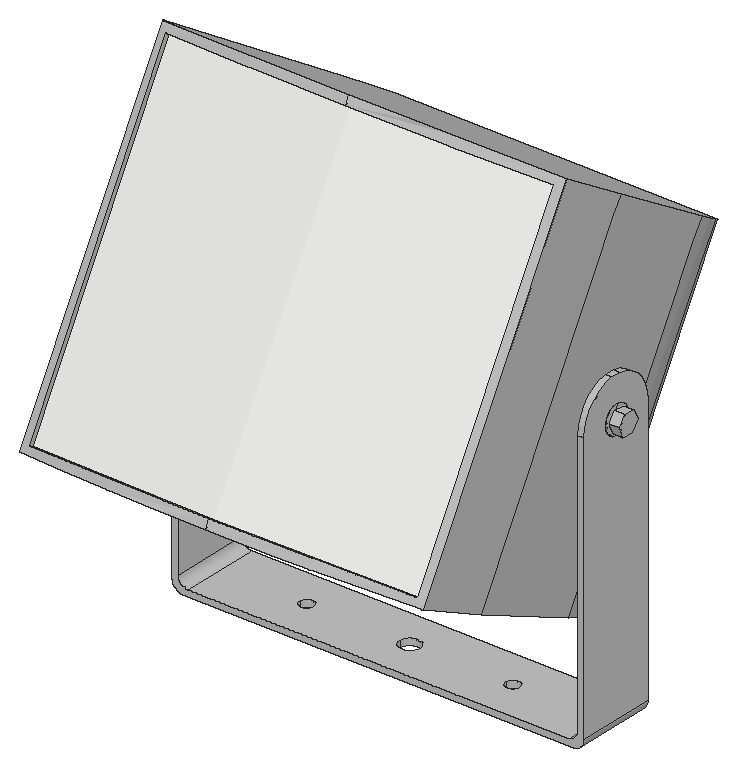
Revit family "Electronics_Community-Point-Source_Biamp_Loudspeaker_R_15COAX", category Communication Devices, host Face, Revit 2020
Family settings
  Host = Face
  Maintain Annotation Orientation = No
  Round Connector Dimension = Use Diameter
  Part Type = Normal
  OmniClass Number = 23.85.10.11.14.14.14
  OmniClass Title = Loudspeakers
  Cut with Voids When Loaded = No
  Shared = No
  Room Calculation Point = No
Parameters (values of type "R_15COAX G")
  Yoke Material = Biamp - Metal - Gray
  Width = 10.15748"  # constant formula
  Weight = 16.9756 lbf  # constant formula
  URL = "https://www.biamp.com/"
  Transducers = "LF   1 x 6.5 (165mm) Carbon ring hydrophobic cone, 2 (51mm) VC HF  1 x 1.25 (32mm) exit, polymer diaphragm compression driver"  # constant formula
  Rotate angle [instance] = 30.00°
  Required Accessories = "High Pass Filter - 90 Hz, 24 dB /octave, Digital Signal Processor"  # constant formula
  Recommended Amplifers = "150W - 300W @ 8 Ohms,  (35V - 49V)"  # constant formula
  Product data url = "https://www.bimobject.com/biamp/product/r-15coax_community-point-source"
  Product Page URL = "https://www.biamp.com/products/product-families/community/point-source#r-15coax"
  Product Documentation Link = "https://downloads.biamp.com/assets/docs/default-source/data-sheets/biamp_data_sheet_community_r-15coax_oct21.pdf"
  Operating Range = "90 Hz to 16 kHz"  # constant formula
  Operating Mode = "Passive, Selectable Low Impedance or 70V/100V"  # constant formula
  Operating Environment = "Indoor or Weather-Resistant Outdoor"  # constant formula
  Nominal Sensitivity = "MUSIC - 1W - 94dB; 2.83V - 94dB. VOICE - 1W - 95dB; 2.83V - 95dB"  # constant formula
  Nominal Maximum SPL (Whole Space) = "MUSIC - Peak - 122dB; Continuous - 116dB. VOICE - Peak - 123dB; Continuous - 117dB"  # constant formula
  Nom Angle [instance] = if(or(Rotate angle < (-20.00°), Rotate angle = (-20.00°)), -20.00°, if(and(Rotate angle > -20.00°, Rotate angle < 200.00°), Rotate angle, if(or(Rotate angle > 200.00°, Rotate angle = 200.00°), 200.00°, 0.00°)))  # 30.00°
  Mounting Points = "Two (2) M8 rigging points"  # constant formula
  Model = "R_15COAX G"
  Manufacturer = "Biamp"  # constant formula
  Input Connection = "NL4 Speakon-type connector and 2-position terminal strip for low impedance or constant voltage operation"  # constant formula
  Included Accessories = "Zinc-rich epoxy dual-layer powder-coated yoke, included integral safety cable mounting point"  # constant formula
  Housing Material = Biamp - Plastic - Gray
  Height = 9.01575"  # constant formula
  Grill Material = Biamp - Plastic - Gray(Grid)
  Finish = "Refer to the Technical Drawing (page 3)"  # constant formula
  Equalized Sensitivity = "MUSIC - 1W - 94dB; 2.83V - 94dB"  # constant formula
  Equalized Maximum SPL = "MUSIC - Peak - 122dB; Continuous - 116dB"  # constant formula
  Environmental = "IP55W per IEC 529, designed to MIL-STD-810G Color-matched ABS plastic input panel weather cover with 13.5mm ID gland nut installed in .82 knockout"  # constant formula
  Description = "R.15COAX Two-Way 6.5-Inch Coaxial Weather-Resistant Loudspeaker"  # constant formula
  Depth = 10.19685"  # constant formula
  Default Elevation = 48.00"
  Controls = "NL4 Speakon-type connector and 2-position terminal strip for low impedance or constant voltage operation"  # constant formula
  Connector Description = "NL4, 2-position terminal strip; Low Impedance 8 ohm, 70V/100V operation"  # constant formula
Types (2): name | Yoke Material | Model | Housing Material | Grill Material
  R_15COAX B | Biamp - Metal - Black | "R_15COAX B" | Biamp - Plastic - Black | Biamp - Plastic - Black(Grid)
  R_15COAX G | Biamp - Metal - Gray | "R_15COAX G" | Biamp - Plastic - Gray | Biamp - Plastic - Gray(Grid)
Reference planes (in)
  plane 1 "Center (Front/Back)": y = 0
  plane 2: z = 0
  plane 3 "Center (Left/Right)": x = 0
  plane 4: z = 7.07874
Forms (in)
  Extrusion 1, solid, material "Biamp - Metal - Gray" <- "Yoke Material", detail levels medium+fine
    sketch origin (0, 0, 0) x (1, 0, 0) y (0, 0, 1)
      loop
        line (-5.19035, 8.07087) -> (-5.19035, 0.26609)
        arc (-5.19035, 0.26609) -> (-5.11242, 0.07794) -> (-4.92426, 0) r 0.26609
        line (-4.92426, 0) -> (4.92426, 0)
        arc (4.92426, 0) -> (5.11242, 0.07794) -> (5.19035, 0.26609) r 0.26609
        line (5.19035, 0.26609) -> (5.19035, 8.07087) -> (5.03287, 8.07087) -> (5.03287, 0.39732)
        arc (5.03287, 0.39732) -> (4.96263, 0.22773) -> (4.79303, 0.15748) r 0.23984
        line (4.79303, 0.15748) -> (-4.79303, 0.15748)
        arc (-4.79303, 0.15748) -> (-4.96263, 0.22773) -> (-5.03287, 0.39732) r 0.23984
        line (-5.03287, 0.39732) -> (-5.03287, 8.07087) -> (-5.19035, 8.07087)
    from -1 to 1
  Extrusion 2, solid, material "Biamp - Metal - Gray" <- "Yoke Material", detail levels coarse
    sketch origin (0, 0, 0) x (1, 0, 0) y (0, 0, 1)
      loop
        line (-5.19035, 8.07087) -> (-5.19035, 0) -> (5.19035, 0) -> (5.19035, 8.07087) -> (5.03287, 8.07087) -> (5.03287, 0.15748) -> (-5.03287, 0.15748) -> (-5.03287, 8.07087) -> (-5.19035, 8.07087)
    from -1 to 1
  Extrusion 3, void
    sketch origin (0, 0, 0) x (1, 0, 0) y (0, 1, 0)
      loop
        circle (0, 0) r 0.25591
      loop
        circle (2.59843, 0) r 0.17717
      loop
        circle (-2.59843, 0) r 0.17717
    from 0 to 0.15748
  Extrusion 4, void
    sketch origin (0, 0, 0) x (0, 1, 0) y (0, 0, 1)
      loop
        line (1, 7.07874) -> (1, 8.45669) -> (-1, 8.45669) -> (-1, 7.07874)
        arc (-1, 7.07874) -> (0, 8.07874) -> (1, 7.07874) r 1
    from -7.0531 to 9.84252
  Extrusion 5, void
    sketch origin (0, 0, 0) x (0, 1, 0) y (0, 0, 1)
      loop
        circle (0, 7.07874) r 0.25591
    from -5.19035 to 5.19035
  Revolve 6, solid, material "Biamp - Metal - Gray" <- "Yoke Material", detail levels medium+fine
    sketch origin (0, 0, 0) x (1, 0, 0) y (0, 0, 1)
      loop
        line (-5.19035, 7.31533) -> (-5.19035, 7.43047) -> (-5.22586, 7.43047) -> (-5.22586, 7.07874) -> (-4.68062, 7.07874) -> (-4.68062, 7.31533) -> (-5.19035, 7.31533)
      loop
        line (5.19035, 7.31533) -> (4.68062, 7.31533) -> (4.68062, 7.07874) -> (5.22586, 7.07874) -> (5.22586, 7.43047) -> (5.19035, 7.43047) -> (5.19035, 7.31533)
      axis (-5.22586, 7.07874) -> (5.22586, 7.07874)
    angle from 0 to 360
  Sweep 7, solid, material "Biamp - Metal - Gray" <- "Yoke Material", detail levels medium+fine
    path origin (0, 0, 0) x (1, 0, 0) y (0, 1, 0)
      loop
        line (-5.22586, 0) -> (-5.50657, 0)
    profile origin (-5.36622, 0, 0) x (0, -1, 0) y (0, 0, 1)
      loop
        line (0.12113, 7.3385) -> (-0.16439, 7.31352) -> (-0.28552, 7.05376) -> (-0.12113, 6.81898) -> (0.16439, 6.84396) -> (0.28552, 7.10372) -> (0.12113, 7.3385)
  Sweep 8, solid, material "Biamp - Metal - Gray" <- "Yoke Material", detail levels medium+fine
    path origin (0, 0, 0) x (-1, 0, 0) y (0, 1, 0)
      loop
        line (-5.22586, 0) -> (-5.50657, 0)
    profile origin (5.36622, 0, 0) x (0, 1, 0) y (0, 0, 1)
      loop
        line (-0.12113, 7.3385) -> (-0.28552, 7.10372) -> (-0.16439, 6.84396) -> (0.12113, 6.81898) -> (0.28552, 7.05376) -> (0.16439, 7.31352) -> (-0.12113, 7.3385)
Cuts and joins
  Extrusion 3, Extrusion 4, Extrusion 5 cuts Extrusion 1
  Extrusion 3, Extrusion 5 cuts Extrusion 2
Lines and regions (in)
  Masking region 1
    outline origin (0, 0, 0) x (1, 0, 0) y (0, 1, 0)
      loop
        line (-5.09043, 1) -> (-5.09043, -1) -> (5.09043, -1) -> (5.09043, 1) -> (-5.09043, 1)
  reference lines
    curve 1: line (0, 0, 7.07874) -> (0, -2.51967, 8.53347)
Dimensions and locks (in)
  "Nom Angle": angle plane 4 to curve 1
  aligned and locked: plane 2 to host face
  aligned and locked: level to host face
  aligned and locked: plane 4 to curve 1
  aligned and locked: plane 1 "Center (Front/Back)" to curve 1
Automatic sketch dimensions
  host sketch curve to host sketch curve = 96.00"  (x2)
  Extrusion 1 sketch curve to level = 0.00"
  level to Extrusion 1 sketch curve = 0.26609"
  Extrusion 1 sketch curve to plane 3 "Center (Left/Right)" = 5.19035"
  Extrusion 1 sketch curve to Extrusion 1 sketch curve = 0.15748"  (x2)
  Extrusion 1 sketch curve to Extrusion 1 sketch curve = 0.13123"  (x2)
  level to Extrusion 1 sketch curve = 0.15748"
  plane 3 "Center (Left/Right)" to Extrusion 1 sketch curve = 4.79303"
  Extrusion 1 sketch curve to Extrusion 1 sketch curve = 0.10861"
  plane 4 to Extrusion 1 sketch curve = 0.99213"  (x2)
  Extrusion 2 sketch curve to level = 0.00"
  plane 4 to Extrusion 2 sketch curve = 0.99213"  (x2)
  Extrusion 2 sketch curve to plane 3 "Center (Left/Right)" = 5.19035"
  Extrusion 2 sketch curve to Extrusion 2 sketch curve = 0.15748"  (x2)
  level to Extrusion 2 sketch curve = 0.15748"
  plane 3 "Center (Left/Right)" to Extrusion 2 sketch curve = 5.03287"
  plane 1 "Center (Front/Back)" to Extrusion 3 sketch curve = 0.00"  (x3)
  Extrusion 3 sketch curve to plane 3 "Center (Left/Right)" = 0.00"
  Extrusion 3 sketch curve to plane 3 "Center (Left/Right)" = 2.59843"
  Extrusion 3 sketch curve to Extrusion 3 sketch curve = 2.59843"
  Extrusion 4 sketch curve to plane 4 = 0.00"
  Extrusion 4 sketch curve to plane 1 "Center (Front/Back)" = 0.00"
  plane 1 "Center (Front/Back)" to Extrusion 4 sketch curve = 1.00"
  Extrusion 4 sketch curve to Extrusion 4 sketch curve = 1.37795"
  Extrusion 5 sketch curve to plane 1 "Center (Front/Back)" = 0.00"
  Extrusion 5 sketch curve to plane 4 = 0.00"
  Revolve 6 sketch curve to plane 4 = 0.00"  (x3)
  Revolve 6 sketch curve to plane 3 "Center (Left/Right)" = 5.22586"
  Revolve 6 sketch curve to Revolve 6 sketch curve = 0.03551"  (x2)
  Revolve 6 sketch curve to Revolve 6 sketch curve = 0.54525"
  plane 3 "Center (Left/Right)" to Revolve 6 sketch curve = 4.68062"
  plane 4 to Revolve 6 sketch curve = 0.23659"  (x2)
  Revolve 6 sketch curve to Revolve 6 sketch curve = 0.50974"
  Revolve 6 sketch curve to Revolve 6 sketch curve = 0.11514"  (x2)
  Revolve 6 sketch curve to Revolve 6 sketch curve = 0.35819"
  Revolve 6 sketch curve to Revolve 6 sketch curve = 0.41055"
  plane 1 "Center (Front/Back)" to Sweep 7 sketch curve = 0.00"
  Sweep 7 sketch curve to plane 3 "Center (Left/Right)" = 5.50657"
  Sweep 7 sketch curve to Sweep 7 sketch curve = 0.28071"
  profile plane to Sweep 7 sketch curve = 0.28552"
  profile plane to Sweep 7 sketch curve = 0.16439"
  profile plane to Sweep 7 sketch curve = 0.12113"
  Sweep 7 sketch curve to profile plane = 0.12113"
  Sweep 7 sketch curve to profile plane = 0.16439"
  Sweep 7 sketch curve to profile plane = 0.28552"
  level to Sweep 7 sketch curve = 6.81898"
  Sweep 7 sketch curve to Sweep 7 sketch curve = 0.02498"  (x2)
  Sweep 7 sketch curve to Sweep 7 sketch curve = 0.23478"
  Sweep 7 sketch curve to Sweep 7 sketch curve = 0.25976"  (x2)
  plane 1 "Center (Front/Back)" to Sweep 8 sketch curve = 0.00"
  Sweep 8 sketch curve to plane 3 "Center (Left/Right)" = 5.50657"
  Sweep 8 sketch curve to Sweep 8 sketch curve = 0.28071"
  profile plane to Sweep 8 sketch curve = 0.28552"
  profile plane to Sweep 8 sketch curve = 0.16439"
  profile plane to Sweep 8 sketch curve = 0.12113"
  Sweep 8 sketch curve to profile plane = 0.12113"
  Sweep 8 sketch curve to profile plane = 0.16439"
  Sweep 8 sketch curve to profile plane = 0.28552"
  level to Sweep 8 sketch curve = 6.81898"
  Sweep 8 sketch curve to Sweep 8 sketch curve = 0.02498"  (x2)
  Sweep 8 sketch curve to Sweep 8 sketch curve = 0.23478"
  Sweep 8 sketch curve to Sweep 8 sketch curve = 0.25976"  (x2)
  plane 1 "Center (Front/Back)" to Masking region 1 sketch curve = 1.00"
  Masking region 1 sketch curve to plane 3 "Center (Left/Right)" = 5.09043"
  Masking region 1 sketch curve to Masking region 1 sketch curve = 10.18087"
  Masking region 1 sketch curve to plane 1 "Center (Front/Back)" = 1.00"
  radius of Extrusion 3 sketch curve = 0.25591"
  radius of Extrusion 3 sketch curve = 0.17717"  (x2)
  radius of Extrusion 5 sketch curve = 0.25591"
Nested families (in)
  nested 1: "R.15COAX" at (0, -6.7055, 5.14919) x (1, 0, 0) z (0, 0.5, 0.866), Grill <- "Grill Material", Host <- "Housing Material", type "R.15COAX"
    with Host Biamp - Plastic - Gray, Grill Biamp - Plastic - Gray(Grid)
Connectors (in)
  electrical at (0, 5.0089, 6.10219), driven by "Connector Description"
    settings: on nested 1, index 1, voltage 100 V, apparent load 0 VA, apparent load phase1 600 VA, apparent load phase2 0 VA, apparent load phase3 0 VA, power factor 1, load classification "Other", number of poles 1, system type 5, power factor state 1, is connector primary yes, connector utility no, sub classification motor no, connector description "NL4, 2-position terminal strip; Low Impedance 8 ohm, 70V/100V operation"
  electrical at (-0.47236, 4.2109, 4.72001), driven by "Connector Description"
    settings: on nested 1, index 2, voltage 0 V, apparent load 0 VA, apparent load phase1 0 VA, apparent load phase2 0 VA, apparent load phase3 0 VA, power factor 1, load classification "Other", number of poles 1, system type 5, power factor state 1, is connector primary no, connector utility no, sub classification motor no, connector description "NL4, 2-position terminal strip; Low Impedance 8 ohm, 70V/100V operation"
Definition of nested family "R.15COAX"
  Parameters (values of type "R.15COAX")
    Host [instance] = none
    Grill [instance] = none
    Default Elevation = 48.00"
  Reference planes (in)
    plane 1 "Center (Front/Back)": y = 0
    plane 2: z = 0
    plane 3 "Center (Left/Right)": x = 0
  Forms (in)
    Extrusion 1, solid, material <- "Host", detail levels coarse
      sketch origin (0, 0, 0) x (0, 1, 0) y (0, 0, 1)
        loop
          arc (10.19073, 6.886) -> (9.39913, 8.45395) -> (7.78317, 9.14225) r 2.55906
          line (7.78317, 9.14225) -> (0, 9.55014) -> (0, 0.50857) -> (7.78317, 0.91647)
          arc (7.78317, 0.91647) -> (9.39913, 1.60477) -> (10.19073, 3.17272) r 2.55906
          line (10.19073, 3.17272) -> (10.19073, 6.886)
      from -5.18898 to 5.18898
    Extrusion 2, void
      sketch origin (0, 0, 0) x (1, 0, 0) y (0, 1, 0)
        loop
          arc (-4.52292, 6.50833) -> (-4.82082, 4.67075) -> (-4.96481, 2.81474) r 22.35678
          line (-4.96481, 2.81474) -> (-5.08688, 0.59894)
          spline (-5.08688, 0.59894) -> (-4.66913, 0.50364) -> (-4.2496, 0.41651) -> (-3.82845, 0.33758) -> (-3.40583, 0.26687) -> (-2.98191, 0.20442) -> (-2.55685, 0.15025) -> (-2.13081, 0.10437) -> (-1.70396, 0.06682) -> (-1.27645, 0.03759) -> (-0.84846, 0.01671) -> (-0.42013, 0.00418) -> (0.00835, 0)
          spline (0.00835, 0) -> (0.43543, 0.00416) -> (0.86234, 0.01661) -> (1.28893, 0.03736) -> (1.71503, 0.0664) -> (2.14049, 0.10371) -> (2.56514, 0.14929) -> (2.98882, 0.20311) -> (3.41137, 0.26516) -> (3.83264, 0.33541) -> (4.25245, 0.41383) -> (4.67065, 0.5004) -> (5.08709, 0.59508)
          line (5.08709, 0.59508) -> (4.96481, 2.81474)
          arc (4.96481, 2.81474) -> (4.82082, 4.67075) -> (4.52292, 6.50833) r 22.35678
          spline (4.52292, 6.50833) -> (4.50397, 6.59631) -> (4.48331, 6.6839) -> (4.46094, 6.77108) -> (4.43687, 6.8578) -> (4.41111, 6.94403) -> (4.38368, 7.02975) -> (4.35457, 7.11492) -> (4.3238, 7.1995) -> (4.29139, 7.28347) -> (4.25735, 7.36679) -> (4.22168, 7.44943) -> (4.18441, 7.53136)
          arc (4.18441, 7.53136) -> (2.48027, 9.47166) -> (0, 10.19073) r 4.60877
          spline (0, 10.19073) -> (-0.43116, 10.169) -> (-0.82531, 10.11936) -> (-1.19736, 10.03492) -> (-1.56268, 9.92068) -> (-1.92124, 9.77491) -> (-2.27209, 9.59644) -> (-2.61326, 9.38383) -> (-2.9426, 9.13586) -> (-3.25683, 8.8514) -> (-3.55099, 8.5298) -> (-3.81938, 8.17242) -> (-4.05734, 7.78317)
          spline (-4.05734, 7.78317) -> (-4.11033, 7.68277) -> (-4.16083, 7.5811) -> (-4.2088, 7.47822) -> (-4.25423, 7.37419) -> (-4.29708, 7.26908) -> (-4.33733, 7.16294) -> (-4.37495, 7.05585) -> (-4.40993, 6.94787) -> (-4.44223, 6.83906) -> (-4.47184, 6.72949) -> (-4.49874, 6.61923) -> (-4.52292, 6.50833)
        loop
          line (-8.29774, 11.05339) -> (-8.29774, -3.11984) -> (9.02509, -3.11984) -> (9.02509, 11.05339) -> (-8.29774, 11.05339)
      from 0 to 9.84252
    Extrusion 3, solid, material <- "Host", detail levels medium+fine
      sketch origin (0, 0, 0) x (0, 1, 0) y (0, 0, 1)
        loop
          arc (10.19073, 6.886) -> (9.39913, 8.45395) -> (7.78317, 9.14225) r 2.55906
          line (7.78317, 9.14225) -> (0, 9.55014) -> (0, 0.50857) -> (7.78317, 0.91647)
          arc (7.78317, 0.91647) -> (9.39913, 1.60477) -> (10.19073, 3.17272) r 2.55906
          line (10.19073, 3.17272) -> (10.19073, 6.886)
      from -5.18898 to 5.18898
    Extrusion 4, void
      sketch origin (0, 0, 0) x (1, 0, 0) y (0, 0, 1)
        loop
          line (-4.89003, 0.73661) -> (4.89024, 0.73661) -> (4.89024, 9.3219) -> (-4.89003, 9.3219) -> (-4.89003, 0.73661)
      from -0.84084 to 0.31729
    Extrusion 5, solid, material <- "Grill", detail levels medium+fine
      sketch origin (0, 0, 0) x (1, 0, 0) y (0, 1, 0)
        loop
          line (4.89024, 0.84084) -> (-4.89003, 0.84084) -> (-4.89003, 0.64769)
          arc (-4.89003, 0.64769) -> (0.00011, 0.22934) -> (4.89024, 0.64769) r 28.78987
          line (4.89024, 0.64769) -> (4.89024, 0.84084)
      from 0.73661 to 9.3219
    Extrusion 6, void
      sketch origin (0, 0, 0) x (1, 0, 0) y (0, 0, 1)
        loop
          line (-1.5748, 7.37149) -> (-1.5748, 2.45023) -> (1.5748, 2.45023) -> (1.5748, 7.37149) -> (-1.5748, 7.37149)
      from -10.84228 to -9.7173
    Extrusion 7, void
      sketch origin (0, 0, 0) x (1, 0, 0) y (0, 0, 1)
        loop
          line (-1.1811, 6.97779) -> (-1.1811, 6.38724) -> (1.1811, 6.38724) -> (1.1811, 6.97779) -> (-1.1811, 6.97779)
        loop
          circle (-0.47236, 5.08651) r 0.6475
        loop
          line (1.1811, 5.58057) -> (0.69085, 5.58057) -> (0.69085, 4.66367) -> (1.1811, 4.66367) -> (1.1811, 5.58057)
        loop
          circle (-0.00001, 2.99157) r 0.3937
      from -9.92489 to -9.66847
    Extrusion 8, solid, material <- "Host"
      sketch origin (0, 9.66847, 0) x (-1, 0, 0) y (0, 0, 1)
        loop
          line (-0.71053, 5.19528) -> (-0.71053, 5.49937) -> (-1.16142, 5.49937) -> (-1.16142, 5.19528) -> (-0.71053, 5.19528)
        loop
          circle (0.00001, 2.99157) r 0.37402
      from 0 to 0.07874
  Cuts and joins
    Extrusion 2, Extrusion 6, Extrusion 7 cuts Extrusion 1
    Extrusion 2, Extrusion 4, Extrusion 6, Extrusion 7 cuts Extrusion 3
  Lines and regions (in)
    Masking region 1
      outline origin (0, 0, 0) x (1, 0, 0) y (0, 1, 0)
        loop
          arc (-4.52292, 6.50833) -> (-4.82082, 4.67075) -> (-4.96481, 2.81474) r 22.35678
          line (-4.96481, 2.81474) -> (-5.08688, 0.59894)
          spline (-5.08688, 0.59894) -> (-4.66913, 0.50364) -> (-4.2496, 0.41651) -> (-3.82845, 0.33758) -> (-3.40583, 0.26687) -> (-2.98191, 0.20442) -> (-2.55685, 0.15025) -> (-2.13081, 0.10437) -> (-1.70396, 0.06682) -> (-1.27645, 0.03759) -> (-0.84846, 0.01671) -> (-0.42013, 0.00418) -> (0.00835, 0)
          spline (0.00835, 0) -> (0.43543, 0.00416) -> (0.86234, 0.01661) -> (1.28893, 0.03736) -> (1.71503, 0.0664) -> (2.14049, 0.10371) -> (2.56514, 0.14929) -> (2.98882, 0.20311) -> (3.41137, 0.26516) -> (3.83264, 0.33541) -> (4.25245, 0.41383) -> (4.67065, 0.5004) -> (5.08709, 0.59508)
          line (5.08709, 0.59508) -> (4.96481, 2.81474)
          arc (4.96481, 2.81474) -> (4.82082, 4.67074) -> (4.52293, 6.50832) r 22.35678
          spline (4.52293, 6.50832) -> (4.50537, 6.5901) -> (4.48634, 6.67154) -> (4.46583, 6.75263) -> (4.44385, 6.83333) -> (4.42041, 6.91362) -> (4.39551, 6.99348) -> (4.36917, 7.07287) -> (4.3414, 7.15177) -> (4.31219, 7.23015) -> (4.28157, 7.30799) -> (4.24954, 7.38527) -> (4.21611, 7.46195)
          spline (4.21611, 7.46195) -> (4.20384, 7.48918) -> (4.19139, 7.51633) -> (4.17877, 7.54339) -> (4.16597, 7.57038) -> (4.153, 7.59728) -> (4.13985, 7.6241) -> (4.12653, 7.65083) -> (4.11304, 7.67748) -> (4.09937, 7.70404) -> (4.08553, 7.7305) -> (4.07152, 7.75688) -> (4.05734, 7.78317)
          spline (4.05734, 7.78317) -> (3.81938, 8.17242) -> (3.55099, 8.5298) -> (3.25683, 8.8514) -> (2.9426, 9.13586) -> (2.61326, 9.38383) -> (2.27209, 9.59644) -> (1.92124, 9.77491) -> (1.56268, 9.92068) -> (1.19736, 10.03492) -> (0.82531, 10.11936) -> (0.43116, 10.169) -> (0, 10.19073)
          spline (0, 10.19073) -> (-0.43116, 10.169) -> (-0.82531, 10.11936) -> (-1.19736, 10.03492) -> (-1.56268, 9.92068) -> (-1.92124, 9.77491) -> (-2.27209, 9.59644) -> (-2.61326, 9.38383) -> (-2.9426, 9.13586) -> (-3.25683, 8.8514) -> (-3.55099, 8.5298) -> (-3.81938, 8.17242) -> (-4.05734, 7.78317)
          spline (-4.05734, 7.78317) -> (-4.11033, 7.68277) -> (-4.16083, 7.5811) -> (-4.2088, 7.47822) -> (-4.25423, 7.37419) -> (-4.29708, 7.26908) -> (-4.33733, 7.16294) -> (-4.37495, 7.05585) -> (-4.40993, 6.94787) -> (-4.44223, 6.83906) -> (-4.47184, 6.72949) -> (-4.49874, 6.61923) -> (-4.52292, 6.50833)
    Masking region 2
      outline origin (0, 0, 0) x (1, 0, 0) y (0, 0, 1)
        loop
          spline (-5.08688, 0.53996) -> (-4.66913, 0.53497) -> (-4.2496, 0.5304) -> (-3.82845, 0.52627) -> (-3.40583, 0.52256) -> (-2.98191, 0.51929) -> (-2.55685, 0.51645) -> (-2.13081, 0.51404) -> (-1.70396, 0.51208) -> (-1.27645, 0.51054) -> (-0.84846, 0.50945) -> (-0.42013, 0.50879) -> (0.00835, 0.50857)
          spline (0.00835, 0.50857) -> (0.43543, 0.50879) -> (0.86234, 0.50944) -> (1.28893, 0.51053) -> (1.71503, 0.51205) -> (2.14049, 0.51401) -> (2.56514, 0.5164) -> (2.98882, 0.51922) -> (3.41137, 0.52247) -> (3.83264, 0.52615) -> (4.25245, 0.53026) -> (4.67065, 0.5348) -> (5.08709, 0.53976)
          line (5.08709, 0.53976) -> (5.08709, 9.51896)
          spline (5.08709, 9.51896) -> (4.67065, 9.52392) -> (4.25245, 9.52846) -> (3.83264, 9.53257) -> (3.41137, 9.53625) -> (2.98882, 9.5395) -> (2.56514, 9.54232) -> (2.14049, 9.54471) -> (1.71503, 9.54666) -> (1.28893, 9.54819) -> (0.86234, 9.54927) -> (0.43543, 9.54993) -> (0.00835, 9.55014)
          spline (0.00835, 9.55014) -> (-0.42013, 9.54993) -> (-0.84846, 9.54927) -> (-1.27645, 9.54817) -> (-1.70396, 9.54664) -> (-2.13081, 9.54467) -> (-2.55685, 9.54227) -> (-2.98191, 9.53943) -> (-3.40583, 9.53616) -> (-3.82845, 9.53245) -> (-4.2496, 9.52832) -> (-4.66913, 9.52375) -> (-5.08688, 9.51876)
          line (-5.08688, 9.51876) -> (-5.08688, 0.53996)
  Dimensions and locks (in)
    aligned and locked: level to plane 2
